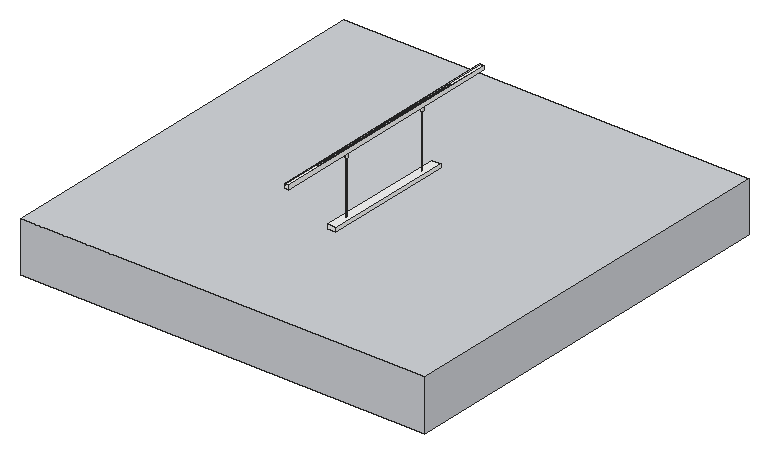
Revit family "Zumtobel LINETIK D-I", category Lighting Fixtures, host Face, Revit 2016
Family settings
  Host = Face
  Part Type = Normal
  Round Connector Dimension = Use Diameter
  OmniClass Number = 23.80.70.11
  OmniClass Title = Luminaries for Internal Lighting
  Cut with Voids When Loaded = No
  Light Source = Yes
  Shared = No
  Room Calculation Point = No
Parameters (values of type "LINETIK D/I – White")
  Width = 25 mm  # constant formula
  Wattage = 40.1907 W
  built-in parameter 1150110 = 1 (stored number, unit not read)
  Voltage [instance] = 230 V  # constant formula
  URL = "http://www.zumtobel.com/42930318"
  built-in parameter 1114217 = 1 (stored number, unit not read)
  Tilt Angle = -90.00°
  built-in parameter 1150109 = 1 (stored number, unit not read)
  built-in parameter 1150134 = (empty or 0)
  Suspension Height Value [instance] = if(Suspension Height < 100 mm, 100 mm, Suspension Height)  # 400 mm
  Suspension Height [instance] = 400 mm
  Suspension = Zumtobel_Metal_White
  built-in parameter 1150113 = 1 (stored number, unit not read)
  Photometric Web File = "D40767oAA_D40769uAA_LINETIK-P_DI_LED6000-830_WH.IES"
  Model = "42930318"
  Manufacturer = "Zumtobel Lighting"  # constant formula
  built-in parameter 1150105 = 1710.4 (stored number, unit not read)
  Lumens = 5970 lm
  built-in parameter 1150115 = 1 (stored number, unit not read)
  built-in parameter 1150137 = (empty or 0)
  built-in parameter 1150139 = (empty or 0)
  Length = 1474 mm  # constant formula
  built-in parameter 1150112 = 1 (stored number, unit not read)
  built-in parameter 1150114 = 1 (stored number, unit not read)
  Lamp = "LED"
  built-in parameter 1150132 = 2
  built-in parameter 1150102 = (empty or 0)
  built-in parameter 1150107 = 3000 (stored number, unit not read)
  built-in parameter 1150138 = (empty or 0)
  built-in parameter 1150106 = 17.104 (stored number, unit not read)
  Height = 25 mm  # constant formula
  Emit from Rectangle Width = 1000 mm  # constant formula
  Emit from Rectangle Length = 25 mm  # constant formula
  Emit Shape Visible in Rendering = no
  built-in parameter 1150104 = 13.8 (stored number, unit not read)
  Dimming Lamp Color Temperature Shift = <None>
  Description = "Pendant LED luminaire"  # constant formula
  Default Elevation = 0 mm
  Cover = Zumtobel_Cover_Self_llumination_Opaque
  Color Filter = 16777215
  Body = Zumtobel_Metal_White
  built-in parameter 1114218 = 1 (stored number, unit not read)
  built-in parameter 1150133 = 10 (stored number, unit not read)
  Assembly Code = "D5020200"
  Apparent Load = 47.1 VA
Types (3, lengths in mm): name | Wattage | URL | Photometric Web File | Model | built-in parameter 1150105 | Lumens | built-in parameter 1150106 | Body | Apparent Load
  LINETIK D/I – Black | 38.3057 W | "http://www.zumtobel.com/42930320" | "D40767oAA_D40769uAA_LINETIK-P_DI_LED6000-830_BK.IES" | "42930320" | 452.8 (stored number, unit not read) | 5690 lm | 4.528 (stored number, unit not read) | Zumtobel_Metal_Black | 50.2 VA
  LINETIK D/I – Silver | 40.1907 W | "http://www.zumtobel.com/42930319" | "D40767oAA_D40769uAA_LINETIK-P_DI_LED6000-830_SR.IES" | "42930319" | 1710.4 (stored number, unit not read) | 5970 lm | 17.104 (stored number, unit not read) | Zumtobel_Metal_Silver | 50.2 VA
  LINETIK D/I – White | 40.1907 W | "http://www.zumtobel.com/42930318" | "D40767oAA_D40769uAA_LINETIK-P_DI_LED6000-830_WH.IES" | "42930318" | 1710.4 (stored number, unit not read) | 5970 lm | 17.104 (stored number, unit not read) | Zumtobel_Metal_White | 47.1 VA
Reference planes
  plane 1 "Center (Front/Back)": y = 0
  plane 2 "Top": z = 0
  plane 3 "Center (Left/Right)": x = -0.5
  plane 4 "Bottom Body": z = 400
  plane 5: y = 737
  plane 6: y = -737
  plane 7: x = 12
  plane 8: x = -13
  plane 9 "Top Body": z = 375
  plane 10: y = 285
  plane 11: y = -285
  plane 12: z = 25
  plane 13: y = -500
  plane 14: y = 500
  plane 15: y = 393.5
  plane 16: y = -393.5
  plane 17: z = 387.5
  plane 18: z = 350
Forms (mm)
  Extrusion 1, solid
    sketch origin (0, 0, 0) x (1, 0, 0) y (0, 1, 0)
      loop
        line (-1219.2, 1219.2) -> (-1219.2, -1219.2) -> (1219.2, -1219.2) -> (1219.2, 1219.2) -> (-1219.2, 1219.2)
    from 0 to -304.8
  Extrusion 2, solid, material "Zumtobel_Metal_White" <- "Suspension"
    sketch origin (1244.101, 301.174, -419.5) x (0, 1, 0) y (-1, 0, 0)
      loop
        circle (-16.174, 1244.601) r 6
      loop
        circle (-586.174, 1244.601) r 6
    from 794.5 to 769.5
  Extrusion 3, solid, material "Zumtobel_Metal_White" <- "Suspension"
    sketch origin (1246.607, 301.174, 0) x (1, 0, 0) y (0, 1, 0)
      loop
        circle (-1247.107, -16.174) r 1
      loop
        circle (-1247.107, -586.174) r 1
    from 25 to 350
  Extrusion 4, solid, material "Zumtobel_Metal_White" <- "Body"
    sketch origin (0, 0, -455) x (1, 0, 0) y (0, 0, 1)
      loop
        line (-25.5, 480) -> (-25.5, 455) -> (24.5, 455) -> (24.5, 480) -> (-25.5, 480)
    from -393.5 to 393.5
  Sweep 5, solid, material "Zumtobel_Metal_White" <- "Body"
    path origin (0, 0, 400) x (-1, 0, 0) y (0, -1, 0)
      loop
        line (13, 737) -> (-12, 737) -> (-12, -737) -> (13, -737) -> (13, 737)
    profile origin (-13, 0, 400) x (-1, 0, 0) y (0, 0, 1)
      loop
        line (0, 0) -> (-2.5, 0) -> (-2.5, -25) -> (0, -25) -> (0, 0)
  Extrusion 6, solid, material "Zumtobel_Metal_White" <- "Body"
    sketch origin (0, 0, 400) x (-1, 0, 0) y (0, -1, 0)
      loop
        line (10.5, -734.5) -> (10.5, -500) -> (-9.5, -500) -> (-9.5, -734.5) -> (10.5, -734.5)
      loop
        line (10.5, 734.5) -> (-9.5, 734.5) -> (-9.5, 500) -> (10.5, 500) -> (10.5, 734.5)
    from -12.5 to 0
  Extrusion 7, solid, material "Zumtobel_Metal_White" <- "Body"
    sketch origin (0, 0, 400) x (-1, 0, 0) y (0, -1, 0)
      loop
        line (10.5, -734.5) -> (10.5, 734.5) -> (-9.5, 734.5) -> (-9.5, -734.5) -> (10.5, -734.5)
    from -25 to -12.5
  Extrusion 8, solid, material "Zumtobel_Metal_Silver"
    sketch origin (0, -140, 400) x (-1, 0, 0) y (0, -1, 0)
      loop
        line (10.5, -640) -> (10.5, 360) -> (-9.5, 360) -> (-9.5, -640) -> (10.5, -640)
      loop
        line (-6.5, -133) -> (-6.5, -147) -> (7.5, -147) -> (7.5, -133) -> (-6.5, -133)
      loop
        line (-6.5, -157) -> (-6.5, -171) -> (7.5, -171) -> (7.5, -157) -> (-6.5, -157)
      loop
        line (-6.5, -181) -> (-6.5, -195) -> (7.5, -195) -> (7.5, -181) -> (-6.5, -181)
      loop
        line (-6.5, -205) -> (-6.5, -219) -> (7.5, -219) -> (7.5, -205) -> (-6.5, -205)
      loop
        line (-6.5, -229) -> (-6.5, -243) -> (7.5, -243) -> (7.5, -229) -> (-6.5, -229)
      loop
        line (-6.5, -253) -> (-6.5, -267) -> (7.5, -267) -> (7.5, -253) -> (-6.5, -253)
      loop
        line (-6.5, -277) -> (-6.5, -291) -> (7.5, -291) -> (7.5, -277) -> (-6.5, -277)
      loop
        line (-6.5, -301) -> (-6.5, -315) -> (7.5, -315) -> (7.5, -301) -> (-6.5, -301)
      loop
        line (-6.5, -325) -> (-6.5, -339) -> (7.5, -339) -> (7.5, -325) -> (-6.5, -325)
      loop
        line (-6.5, -349) -> (-6.5, -363) -> (7.5, -363) -> (7.5, -349) -> (-6.5, -349)
      loop
        line (-6.5, -373) -> (-6.5, -387) -> (7.5, -387) -> (7.5, -373) -> (-6.5, -373)
      loop
        line (-6.5, -397) -> (-6.5, -411) -> (7.5, -411) -> (7.5, -397) -> (-6.5, -397)
      loop
        line (-6.5, -421) -> (-6.5, -435) -> (7.5, -435) -> (7.5, -421) -> (-6.5, -421)
      loop
        line (-6.5, -445) -> (-6.5, -459) -> (7.5, -459) -> (7.5, -445) -> (-6.5, -445)
      loop
        line (-6.5, -469) -> (-6.5, -483) -> (7.5, -483) -> (7.5, -469) -> (-6.5, -469)
      loop
        line (-6.5, -493) -> (-6.5, -507) -> (7.5, -507) -> (7.5, -493) -> (-6.5, -493)
      loop
        line (-6.5, -517) -> (-6.5, -531) -> (7.5, -531) -> (7.5, -517) -> (-6.5, -517)
      loop
        line (-6.5, -541) -> (-6.5, -555) -> (7.5, -555) -> (7.5, -541) -> (-6.5, -541)
      loop
        line (-6.5, -565) -> (-6.5, -579) -> (7.5, -579) -> (7.5, -565) -> (-6.5, -565)
      loop
        line (-6.5, -589) -> (-6.5, -603) -> (7.5, -603) -> (7.5, -589) -> (-6.5, -589)
      loop
        line (-6.5, -613) -> (-6.5, -627) -> (7.5, -627) -> (7.5, -613) -> (-6.5, -613)
      loop
        line (-6.5, -123) -> (7.5, -123) -> (7.5, -109) -> (-6.5, -109) -> (-6.5, -123)
      loop
        line (-6.5, -99) -> (7.5, -99) -> (7.5, -85) -> (-6.5, -85) -> (-6.5, -99)
      loop
        line (-6.5, -75) -> (7.5, -75) -> (7.5, -61) -> (-6.5, -61) -> (-6.5, -75)
      loop
        line (-6.5, -51) -> (7.5, -51) -> (7.5, -37) -> (-6.5, -37) -> (-6.5, -51)
      loop
        line (-6.5, -27) -> (7.5, -27) -> (7.5, -13) -> (-6.5, -13) -> (-6.5, -27)
      loop
        line (-6.5, -3) -> (7.5, -3) -> (7.5, 11) -> (-6.5, 11) -> (-6.5, -3)
      loop
        line (-6.5, 21) -> (7.5, 21) -> (7.5, 35) -> (-6.5, 35) -> (-6.5, 21)
      loop
        line (-6.5, 45) -> (7.5, 45) -> (7.5, 59) -> (-6.5, 59) -> (-6.5, 45)
      loop
        line (-6.5, 69) -> (7.5, 69) -> (7.5, 83) -> (-6.5, 83) -> (-6.5, 69)
      loop
        line (-6.5, 93) -> (7.5, 93) -> (7.5, 107) -> (-6.5, 107) -> (-6.5, 93)
      loop
        line (-6.5, 117) -> (7.5, 117) -> (7.5, 131) -> (-6.5, 131) -> (-6.5, 117)
      loop
        line (-6.5, 141) -> (7.5, 141) -> (7.5, 155) -> (-6.5, 155) -> (-6.5, 141)
      loop
        line (-6.5, 165) -> (7.5, 165) -> (7.5, 179) -> (-6.5, 179) -> (-6.5, 165)
      loop
        line (-6.5, 189) -> (7.5, 189) -> (7.5, 203) -> (-6.5, 203) -> (-6.5, 189)
      loop
        line (-6.5, 213) -> (7.5, 213) -> (7.5, 227) -> (-6.5, 227) -> (-6.5, 213)
      loop
        line (-6.5, 237) -> (7.5, 237) -> (7.5, 251) -> (-6.5, 251) -> (-6.5, 237)
      loop
        line (-6.5, 261) -> (7.5, 261) -> (7.5, 275) -> (-6.5, 275) -> (-6.5, 261)
      loop
        line (-6.5, 285) -> (7.5, 285) -> (7.5, 299) -> (-6.5, 299) -> (-6.5, 285)
      loop
        line (-6.5, 309) -> (7.5, 309) -> (7.5, 323) -> (-6.5, 323) -> (-6.5, 309)
      loop
        line (-6.5, 333) -> (7.5, 333) -> (7.5, 347) -> (-6.5, 347) -> (-6.5, 333)
    from -12.5 to 0
  Extrusion 9, solid, material "Zumtobel_Cover_Self_llumination_Opaque" <- "Cover"
    sketch origin (200, -140, 400) x (-1, 0, 0) y (0, -1, 0)
      loop
        line (193.5, -133) -> (193.5, -147) -> (207.5, -147) -> (207.5, -133) -> (193.5, -133)
      loop
        line (193.5, -157) -> (193.5, -171) -> (207.5, -171) -> (207.5, -157) -> (193.5, -157)
      loop
        line (193.5, -181) -> (193.5, -195) -> (207.5, -195) -> (207.5, -181) -> (193.5, -181)
      loop
        line (193.5, -205) -> (193.5, -219) -> (207.5, -219) -> (207.5, -205) -> (193.5, -205)
      loop
        line (193.5, -229) -> (193.5, -243) -> (207.5, -243) -> (207.5, -229) -> (193.5, -229)
      loop
        line (193.5, -253) -> (193.5, -267) -> (207.5, -267) -> (207.5, -253) -> (193.5, -253)
      loop
        line (193.5, -277) -> (193.5, -291) -> (207.5, -291) -> (207.5, -277) -> (193.5, -277)
      loop
        line (193.5, -301) -> (193.5, -315) -> (207.5, -315) -> (207.5, -301) -> (193.5, -301)
      loop
        line (193.5, -325) -> (193.5, -339) -> (207.5, -339) -> (207.5, -325) -> (193.5, -325)
      loop
        line (193.5, -349) -> (193.5, -363) -> (207.5, -363) -> (207.5, -349) -> (193.5, -349)
      loop
        line (193.5, -373) -> (193.5, -387) -> (207.5, -387) -> (207.5, -373) -> (193.5, -373)
      loop
        line (193.5, -397) -> (193.5, -411) -> (207.5, -411) -> (207.5, -397) -> (193.5, -397)
      loop
        line (193.5, -421) -> (193.5, -435) -> (207.5, -435) -> (207.5, -421) -> (193.5, -421)
      loop
        line (193.5, -445) -> (193.5, -459) -> (207.5, -459) -> (207.5, -445) -> (193.5, -445)
      loop
        line (193.5, -469) -> (193.5, -483) -> (207.5, -483) -> (207.5, -469) -> (193.5, -469)
      loop
        line (193.5, -493) -> (193.5, -507) -> (207.5, -507) -> (207.5, -493) -> (193.5, -493)
      loop
        line (193.5, -517) -> (193.5, -531) -> (207.5, -531) -> (207.5, -517) -> (193.5, -517)
      loop
        line (193.5, -541) -> (193.5, -555) -> (207.5, -555) -> (207.5, -541) -> (193.5, -541)
      loop
        line (193.5, -565) -> (193.5, -579) -> (207.5, -579) -> (207.5, -565) -> (193.5, -565)
      loop
        line (193.5, -589) -> (193.5, -603) -> (207.5, -603) -> (207.5, -589) -> (193.5, -589)
      loop
        line (193.5, -613) -> (193.5, -627) -> (207.5, -627) -> (207.5, -613) -> (193.5, -613)
      loop
        line (193.5, -123) -> (207.5, -123) -> (207.5, -109) -> (193.5, -109) -> (193.5, -123)
      loop
        line (193.5, -99) -> (207.5, -99) -> (207.5, -85) -> (193.5, -85) -> (193.5, -99)
      loop
        line (193.5, -75) -> (207.5, -75) -> (207.5, -61) -> (193.5, -61) -> (193.5, -75)
      loop
        line (193.5, -51) -> (207.5, -51) -> (207.5, -37) -> (193.5, -37) -> (193.5, -51)
      loop
        line (193.5, -27) -> (207.5, -27) -> (207.5, -13) -> (193.5, -13) -> (193.5, -27)
      loop
        line (193.5, -3) -> (207.5, -3) -> (207.5, 11) -> (193.5, 11) -> (193.5, -3)
      loop
        line (193.5, 21) -> (207.5, 21) -> (207.5, 35) -> (193.5, 35) -> (193.5, 21)
      loop
        line (193.5, 45) -> (207.5, 45) -> (207.5, 59) -> (193.5, 59) -> (193.5, 45)
      loop
        line (193.5, 69) -> (207.5, 69) -> (207.5, 83) -> (193.5, 83) -> (193.5, 69)
      loop
        line (193.5, 93) -> (207.5, 93) -> (207.5, 107) -> (193.5, 107) -> (193.5, 93)
      loop
        line (193.5, 117) -> (207.5, 117) -> (207.5, 131) -> (193.5, 131) -> (193.5, 117)
      loop
        line (193.5, 141) -> (207.5, 141) -> (207.5, 155) -> (193.5, 155) -> (193.5, 141)
      loop
        line (193.5, 165) -> (207.5, 165) -> (207.5, 179) -> (193.5, 179) -> (193.5, 165)
      loop
        line (193.5, 189) -> (207.5, 189) -> (207.5, 203) -> (193.5, 203) -> (193.5, 189)
      loop
        line (193.5, 213) -> (207.5, 213) -> (207.5, 227) -> (193.5, 227) -> (193.5, 213)
      loop
        line (193.5, 237) -> (207.5, 237) -> (207.5, 251) -> (193.5, 251) -> (193.5, 237)
      loop
        line (193.5, 261) -> (207.5, 261) -> (207.5, 275) -> (193.5, 275) -> (193.5, 261)
      loop
        line (193.5, 285) -> (207.5, 285) -> (207.5, 299) -> (193.5, 299) -> (193.5, 285)
      loop
        line (193.5, 309) -> (207.5, 309) -> (207.5, 323) -> (193.5, 323) -> (193.5, 309)
      loop
        line (193.5, 333) -> (207.5, 333) -> (207.5, 347) -> (193.5, 347) -> (193.5, 333)
    from -12.5 to 0
Cuts and joins
  joined: Sweep 5, Extrusion 7
Dimensions and locks
  equal spacing: plane 5, plane 1 "Center (Front/Back)", plane 6
  "Length": plane 5 to plane 6
  "Width": plane 8 to plane 7
  equal spacing: plane 8, plane 3 "Center (Left/Right)", plane 7
  locked: plane 12 to plane 2 "Top" at 25
  locked: plane 4 "Bottom Body" to plane 9 "Top Body" at 25
  plane 15 to plane 10 to plane 1 "Center (Front/Back)" to plane 11 to plane 16 = 108.5 mm locked, 285 mm locked, 285 mm locked, 108.5 mm locked
  locked: plane 5 to plane 14 at 237
  locked: plane 13 to plane 6 at 237
  locked: plane 17 to plane 9 "Top Body" at 12.5
  "Suspension Height Value": plane 4 "Bottom Body" to plane 2 "Top"
  locked: plane 9 "Top Body" to plane 18 at 25
  aligned and locked: plane 2 "Top" to Extrusion 1
  aligned and locked: level to Extrusion 1
  aligned and locked: plane 4 "Bottom Body" to imposter light
  aligned and locked: Extrusion 3 to plane 12
  aligned and locked: plane 2 "Top" to Extrusion 4 sketch curve
  aligned and locked: Extrusion 4 sketch curve to plane 12
  aligned and locked: plane 15 to Extrusion 4
  aligned and locked: Extrusion 4 to plane 16
  aligned and locked: plane 8 to Sweep 5 sketch curve
  aligned and locked: Sweep 5 sketch curve to plane 6
  aligned and locked: Sweep 5 sketch curve to plane 7
  aligned and locked: Sweep 5 sketch curve to plane 5
  aligned and locked: Sweep 5 sketch curve to plane 9 "Top Body"
  aligned and locked: Extrusion 6 sketch curve to Sweep 5  (x2)
  aligned and locked: plane 14 to Extrusion 6 sketch curve
  aligned and locked: Extrusion 6 sketch curve to plane 13
  aligned and locked: Extrusion 6 to plane 17
  aligned and locked: plane 4 "Bottom Body" to Extrusion 6
  aligned and locked: Extrusion 7 sketch curve to Extrusion 6  (x2)
  aligned and locked: plane 17 to Extrusion 7
  aligned and locked: Extrusion 7 to plane 9 "Top Body"
  aligned and locked: Extrusion 8 sketch curve to plane 13
  aligned and locked: Extrusion 8 sketch curve to plane 14
  aligned and locked: plane 4 "Bottom Body" to Extrusion 8
  aligned and locked: Extrusion 8 to plane 17
  aligned and locked: plane 4 "Bottom Body" to Extrusion 9
  aligned and locked: Extrusion 9 to plane 17
  aligned and locked: plane 18 to Extrusion 3
  aligned and locked: Extrusion 2 to Extrusion 3
  aligned and locked: plane 9 "Top Body" to Extrusion 2
Automatic sketch dimensions
  Extrusion 1 sketch curve to Extrusion 1 sketch curve = 2438.4 mm  (x2)
  Extrusion 2 sketch curve to plane 3 "Center (Left/Right)" = 0 mm  (x2)
  Extrusion 2 sketch curve to plane 11 = 0 mm
  plane 10 to Extrusion 2 sketch curve = 0 mm
  Extrusion 3 sketch curve to plane 3 "Center (Left/Right)" = 0 mm  (x2)
  Extrusion 3 sketch curve to plane 11 = 0 mm
  plane 10 to Extrusion 3 sketch curve = 0 mm
  Extrusion 4 sketch curve to plane 8 = 12.5 mm
  Extrusion 4 sketch curve to plane 7 = 12.5 mm
  Sweep 5 sketch curve to plane 4 "Bottom Body" = 0 mm
  Sweep 5 sketch curve to profile plane = 0 mm
  profile plane to Sweep 5 sketch curve = 2.5 mm
  plane 7 to Extrusion 6 sketch curve = 2.5 mm  (x2)
  plane 8 to Extrusion 6 sketch curve = 2.5 mm  (x2)
  plane 7 to Extrusion 7 sketch curve = 2.5 mm
  plane 8 to Extrusion 7 sketch curve = 2.5 mm
  plane 7 to Extrusion 8 sketch curve = 2.5 mm
  plane 7 to Extrusion 8 sketch curve = 5.5 mm  (x41)
  plane 8 to Extrusion 8 sketch curve = 5.5 mm  (x41)
  Extrusion 8 sketch curve to plane 16 = 2.5 mm
  plane 8 to Extrusion 8 sketch curve = 2.5 mm
  Extrusion 8 sketch curve to plane 14 = 13 mm
  Extrusion 8 sketch curve to Extrusion 8 sketch curve = 14 mm  (x35)
  Extrusion 8 sketch curve to Extrusion 8 sketch curve = 10 mm  (x35)
  plane 15 to Extrusion 8 sketch curve = 7.5 mm
  Extrusion 8 sketch curve to plane 15 = 2.5 mm
  Extrusion 8 sketch curve to plane 10 = 10 mm
  plane 10 to Extrusion 8 sketch curve = 4 mm
  Extrusion 8 sketch curve to plane 1 "Center (Front/Back)" = 7 mm
  plane 1 "Center (Front/Back)" to Extrusion 8 sketch curve = 7 mm
  plane 11 to Extrusion 8 sketch curve = 4 mm
  Extrusion 8 sketch curve to plane 11 = 10 mm
  plane 16 to Extrusion 8 sketch curve = 7.5 mm
  Extrusion 8 sketch curve to plane 13 = 13 mm
  plane 1 "Center (Front/Back)" to Extrusion 9 sketch curve = 7 mm
  plane 7 to Extrusion 9 sketch curve = 5.5 mm  (x2)
  Extrusion 9 sketch curve to Extrusion 9 sketch curve = 0 mm  (x41)
  plane 16 to Extrusion 9 sketch curve = 7.5 mm
  plane 11 to Extrusion 9 sketch curve = 4 mm
  plane 10 to Extrusion 9 sketch curve = 4 mm
  Extrusion 9 sketch curve to Extrusion 9 sketch curve = 14 mm  (x73)
  Extrusion 9 sketch curve to plane 16 = 2.5 mm
  Extrusion 9 sketch curve to plane 14 = 13 mm
  Extrusion 9 sketch curve to Extrusion 9 sketch curve = 10 mm  (x36)
  plane 15 to Extrusion 9 sketch curve = 7.5 mm
  Extrusion 9 sketch curve to plane 15 = 2.5 mm
  Extrusion 9 sketch curve to plane 10 = 10 mm
  Extrusion 9 sketch curve to plane 1 "Center (Front/Back)" = 7 mm
  Extrusion 9 sketch curve to plane 11 = 10 mm
  Extrusion 9 sketch curve to plane 13 = 13 mm
  radius of Extrusion 2 sketch curve = 6 mm  (x2)
  radius of Extrusion 3 sketch curve = 1 mm  (x2)
Connectors
  electrical at (-0.5, 0, 0), driven by "Voltage", driven by "Apparent Load"
    settings: on Extrusion 4, index 1, voltage 230 V, apparent load 47.1 VA, apparent load phase1 0 VA, apparent load phase2 0 VA, apparent load phase3 0 VA, power factor 1, load classification "Lighting", number of poles 1, system type 30, power factor state 1, is connector primary yes, connector utility no, sub classification motor no, connector description "Power"
